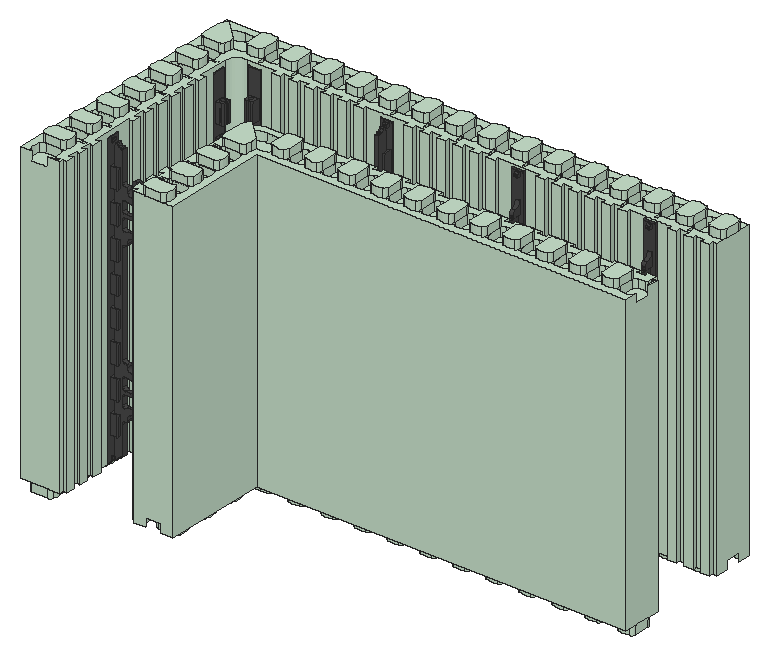
Revit family "ICF- NUDURA 4-inch- 90 Degree Form Unit- Imperial", category Generic Models, Revit 2011 (continued)
Forms (in)
  Extrusion 50, void
    sketch origin (7, -1, 0) x (-1, 0, 0) y (0, -1, 0)
      loop
        arc (-1.9334, -3.80702) -> (-1.98276, -3.88568) -> (-2, -3.97692) r 0.25
        line (-2, -3.97692) -> (-2, -4.89808)
        arc (-2, -4.89808) -> (-1.95215, -5.04517) -> (-1.82692, -5.13595) r 0.25
    from 0 to 0.5
  Extrusion 51, void
    sketch origin (9, -1, 0) x (-1, 0, 0) y (0, -1, 0)
      loop
        arc (-1.82692, -5.13595) -> (-1.5, -5.1875) -> (-1.17308, -5.13595) r 1.0625
        arc (-1.17308, -5.13595) -> (-1.04785, -5.04517) -> (-1, -4.89808) r 0.25
        line (-1, -4.89808) -> (-1, -3.97692)
        arc (-1, -3.97692) -> (-1.04785, -3.82983) -> (-1.17308, -3.73905) r 0.25
        arc (-1.17308, -3.73905) -> (-1.42092, -3.69045) -> (-1.67323, -3.70172) r 1.0625
        arc (-1.67323, -3.70172) -> (-1.72385, -3.68771) -> (-1.74592, -3.64005) r 0.0625
        line (-1.74592, -3.64005) -> (-1.74592, -3.41845) -> (-1.91675, -3.41845) -> (-1.91675, -3.76455)
        arc (-1.91675, -3.76455) -> (-1.92106, -3.78736) -> (-1.9334, -3.80702) r 0.0625
        arc (-1.9334, -3.80702) -> (-1.98276, -3.88568) -> (-2, -3.97692) r 0.25
        line (-2, -3.97692) -> (-2, -4.89808)
        arc (-2, -4.89808) -> (-1.95215, -5.04517) -> (-1.82692, -5.13595) r 0.25
    from 0 to 0.5
  Extrusion 52, void
    sketch origin (11, -1, 0) x (-1, 0, 0) y (0, -1, 0)
      loop
        arc (-1.82692, -5.13595) -> (-1.5, -5.1875) -> (-1.17308, -5.13595) r 1.0625
        arc (-1.17308, -5.13595) -> (-1.04785, -5.04517) -> (-1, -4.89808) r 0.25
        line (-1, -4.89808) -> (-1, -3.97692)
        arc (-1, -3.97692) -> (-1.04785, -3.82983) -> (-1.17308, -3.73905) r 0.25
        arc (-1.17308, -3.73905) -> (-1.42092, -3.69045) -> (-1.67323, -3.70172) r 1.0625
        arc (-1.67323, -3.70172) -> (-1.72385, -3.68771) -> (-1.74592, -3.64005) r 0.0625
        line (-1.74592, -3.64005) -> (-1.74592, -3.41845) -> (-1.91675, -3.41845) -> (-1.91675, -3.76455)
        arc (-1.91675, -3.76455) -> (-1.92106, -3.78736) -> (-1.9334, -3.80702) r 0.0625
        arc (-1.9334, -3.80702) -> (-1.98276, -3.88568) -> (-2, -3.97692) r 0.25
        line (-2, -3.97692) -> (-2, -4.89808)
        arc (-2, -4.89808) -> (-1.95215, -5.04517) -> (-1.82692, -5.13595) r 0.25
    from 0 to 0.5
  Extrusion 53, void
    sketch origin (13, -1, 0) x (-1, 0, 0) y (0, -1, 0)
      loop
        arc (-1.82692, -5.13595) -> (-1.5, -5.1875) -> (-1.17308, -5.13595) r 1.0625
        arc (-1.17308, -5.13595) -> (-1.04785, -5.04517) -> (-1, -4.89808) r 0.25
        line (-1, -4.89808) -> (-1, -3.97692)
        arc (-1, -3.97692) -> (-1.04785, -3.82983) -> (-1.17308, -3.73905) r 0.25
        arc (-1.17308, -3.73905) -> (-1.42092, -3.69045) -> (-1.67323, -3.70172) r 1.0625
        arc (-1.67323, -3.70172) -> (-1.72385, -3.68771) -> (-1.74592, -3.64005) r 0.0625
        line (-1.74592, -3.64005) -> (-1.74592, -3.41845) -> (-1.91675, -3.41845) -> (-1.91675, -3.76455)
        arc (-1.91675, -3.76455) -> (-1.92106, -3.78736) -> (-1.9334, -3.80702) r 0.0625
        arc (-1.9334, -3.80702) -> (-1.98276, -3.88568) -> (-2, -3.97692) r 0.25
        line (-2, -3.97692) -> (-2, -4.89808)
        arc (-2, -4.89808) -> (-1.95215, -5.04517) -> (-1.82692, -5.13595) r 0.25
    from 0 to 0.5
  Extrusion 54, void
    sketch origin (15, -1, 0) x (-1, 0, 0) y (0, -1, 0)
      loop
        arc (-1.82692, -5.13595) -> (-1.5, -5.1875) -> (-1.17308, -5.13595) r 1.0625
        arc (-1.17308, -5.13595) -> (-1.04785, -5.04517) -> (-1, -4.89808) r 0.25
        line (-1, -4.89808) -> (-1, -3.97692)
        arc (-1, -3.97692) -> (-1.04785, -3.82983) -> (-1.17308, -3.73905) r 0.25
        arc (-1.17308, -3.73905) -> (-1.42092, -3.69045) -> (-1.67323, -3.70172) r 1.0625
        arc (-1.67323, -3.70172) -> (-1.72385, -3.68771) -> (-1.74592, -3.64005) r 0.0625
        line (-1.74592, -3.64005) -> (-1.74592, -3.41845) -> (-1.91675, -3.41845) -> (-1.91675, -3.76455)
        arc (-1.91675, -3.76455) -> (-1.92106, -3.78736) -> (-1.9334, -3.80702) r 0.0625
        arc (-1.9334, -3.80702) -> (-1.98276, -3.88568) -> (-2, -3.97692) r 0.25
        line (-2, -3.97692) -> (-2, -4.89808)
        arc (-2, -4.89808) -> (-1.95215, -5.04517) -> (-1.82692, -5.13595) r 0.25
    from 0 to 0.5
  Extrusion 55, void
    sketch origin (17, -1, 0) x (-1, 0, 0) y (0, -1, 0)
      loop
        arc (-1.82692, -5.13595) -> (-1.5, -5.1875) -> (-1.17308, -5.13595) r 1.0625
        arc (-1.17308, -5.13595) -> (-1.04785, -5.04517) -> (-1, -4.89808) r 0.25
        line (-1, -4.89808) -> (-1, -3.97692)
        arc (-1, -3.97692) -> (-1.04785, -3.82983) -> (-1.17308, -3.73905) r 0.25
        arc (-1.17308, -3.73905) -> (-1.42092, -3.69045) -> (-1.67323, -3.70172) r 1.0625
        arc (-1.67323, -3.70172) -> (-1.72385, -3.68771) -> (-1.74592, -3.64005) r 0.0625
        line (-1.74592, -3.64005) -> (-1.74592, -3.41845) -> (-1.91675, -3.41845) -> (-1.91675, -3.76455)
        arc (-1.91675, -3.76455) -> (-1.92106, -3.78736) -> (-1.9334, -3.80702) r 0.0625
        arc (-1.9334, -3.80702) -> (-1.98276, -3.88568) -> (-2, -3.97692) r 0.25
        line (-2, -3.97692) -> (-2, -4.89808)
        arc (-2, -4.89808) -> (-1.95215, -5.04517) -> (-1.82692, -5.13595) r 0.25
    from 0 to 0.5
  Extrusion 56, void
    sketch origin (19, -1, 0) x (-1, 0, 0) y (0, -1, 0)
      loop
        arc (-1.82692, -5.13595) -> (-1.5, -5.1875) -> (-1.17308, -5.13595) r 1.0625
        arc (-1.17308, -5.13595) -> (-1.04785, -5.04517) -> (-1, -4.89808) r 0.25
        line (-1, -4.89808) -> (-1, -3.97692)
        arc (-1, -3.97692) -> (-1.04785, -3.82983) -> (-1.17308, -3.73905) r 0.25
        arc (-1.17308, -3.73905) -> (-1.42092, -3.69045) -> (-1.67323, -3.70172) r 1.0625
        arc (-1.67323, -3.70172) -> (-1.72385, -3.68771) -> (-1.74592, -3.64005) r 0.0625
        line (-1.74592, -3.64005) -> (-1.74592, -3.41845) -> (-1.91675, -3.41845) -> (-1.91675, -3.76455)
        arc (-1.91675, -3.76455) -> (-1.92106, -3.78736) -> (-1.9334, -3.80702) r 0.0625
        arc (-1.9334, -3.80702) -> (-1.98276, -3.88568) -> (-2, -3.97692) r 0.25
        line (-2, -3.97692) -> (-2, -4.89808)
        arc (-2, -4.89808) -> (-1.95215, -5.04517) -> (-1.82692, -5.13595) r 0.25
    from 0 to 0.5
  Extrusion 57, void
    sketch origin (21, -1, 0) x (-1, 0, 0) y (0, -1, 0)
      loop
        arc (-1.82692, -5.13595) -> (-1.5, -5.1875) -> (-1.17308, -5.13595) r 1.0625
        arc (-1.17308, -5.13595) -> (-1.04785, -5.04517) -> (-1, -4.89808) r 0.25
        line (-1, -4.89808) -> (-1, -3.97692)
        arc (-1, -3.97692) -> (-1.04785, -3.82983) -> (-1.17308, -3.73905) r 0.25
        arc (-1.17308, -3.73905) -> (-1.42092, -3.69045) -> (-1.67323, -3.70172) r 1.0625
        arc (-1.67323, -3.70172) -> (-1.72385, -3.68771) -> (-1.74592, -3.64005) r 0.0625
        line (-1.74592, -3.64005) -> (-1.74592, -3.41845) -> (-1.91675, -3.41845) -> (-1.91675, -3.76455)
        arc (-1.91675, -3.76455) -> (-1.92106, -3.78736) -> (-1.9334, -3.80702) r 0.0625
        arc (-1.9334, -3.80702) -> (-1.98276, -3.88568) -> (-2, -3.97692) r 0.25
        line (-2, -3.97692) -> (-2, -4.89808)
        arc (-2, -4.89808) -> (-1.95215, -5.04517) -> (-1.82692, -5.13595) r 0.25
    from 0 to 0.5
  Extrusion 58, void
    sketch origin (23, -1, 0) x (-1, 0, 0) y (0, -1, 0)
      loop
        arc (-1.82692, -5.13595) -> (-1.5, -5.1875) -> (-1.17308, -5.13595) r 1.0625
        arc (-1.17308, -5.13595) -> (-1.04785, -5.04517) -> (-1, -4.89808) r 0.25
        line (-1, -4.89808) -> (-1, -3.97692)
        arc (-1, -3.97692) -> (-1.04785, -3.82983) -> (-1.17308, -3.73905) r 0.25
        arc (-1.17308, -3.73905) -> (-1.42092, -3.69045) -> (-1.67323, -3.70172) r 1.0625
        arc (-1.67323, -3.70172) -> (-1.72385, -3.68771) -> (-1.74592, -3.64005) r 0.0625
        line (-1.74592, -3.64005) -> (-1.74592, -3.41845) -> (-1.91675, -3.41845) -> (-1.91675, -3.76455)
        arc (-1.91675, -3.76455) -> (-1.92106, -3.78736) -> (-1.9334, -3.80702) r 0.0625
        arc (-1.9334, -3.80702) -> (-1.98276, -3.88568) -> (-2, -3.97692) r 0.25
        line (-2, -3.97692) -> (-2, -4.89808)
        arc (-2, -4.89808) -> (-1.95215, -5.04517) -> (-1.82692, -5.13595) r 0.25
    from 0 to 0.5
  Extrusion 59, void
    sketch origin (25, -1, 0) x (-1, 0, 0) y (0, -1, 0)
      loop
        arc (-1.82692, -5.13595) -> (-1.5, -5.1875) -> (-1.17308, -5.13595) r 1.0625
        arc (-1.17308, -5.13595) -> (-1.04785, -5.04517) -> (-1, -4.89808) r 0.25
        line (-1, -4.89808) -> (-1, -3.97692)
        arc (-1, -3.97692) -> (-1.04785, -3.82983) -> (-1.17308, -3.73905) r 0.25
        arc (-1.17308, -3.73905) -> (-1.42092, -3.69045) -> (-1.67323, -3.70172) r 1.0625
        arc (-1.67323, -3.70172) -> (-1.72385, -3.68771) -> (-1.74592, -3.64005) r 0.0625
        line (-1.74592, -3.64005) -> (-1.74592, -3.41845) -> (-1.91675, -3.41845) -> (-1.91675, -3.76455)
        arc (-1.91675, -3.76455) -> (-1.92106, -3.78736) -> (-1.9334, -3.80702) r 0.0625
        arc (-1.9334, -3.80702) -> (-1.98276, -3.88568) -> (-2, -3.97692) r 0.25
        line (-2, -3.97692) -> (-2, -4.89808)
        arc (-2, -4.89808) -> (-1.95215, -5.04517) -> (-1.82692, -5.13595) r 0.25
    from 0 to 0.5
  Extrusion 60, void
    sketch origin (-1, -17, 0) x (1, 0, 0) y (0, 1, 0)
      loop
        arc (3.97692, 9) -> (3.82983, 8.95215) -> (3.73905, 8.82692) r 0.25
        arc (3.73905, 8.82692) -> (3.69045, 8.57908) -> (3.70172, 8.32677) r 1.0625
        arc (3.70172, 8.32677) -> (3.68771, 8.27615) -> (3.64005, 8.25408) r 0.0625
        line (3.64005, 8.25408) -> (3.41845, 8.25408) -> (3.41845, 8.08325) -> (3.76455, 8.08325)
        arc (3.76455, 8.08325) -> (3.78736, 8.07894) -> (3.80702, 8.0666) r 0.0625
        arc (3.80702, 8.0666) -> (3.88568, 8.01724) -> (3.97692, 8) r 0.25
        line (3.97692, 8) -> (4.89808, 8)
        arc (4.89808, 8) -> (5.04517, 8.04785) -> (5.13595, 8.17308) r 0.25
        arc (5.13595, 8.17308) -> (5.1875, 8.5) -> (5.13595, 8.82692) r 1.0625
        arc (5.13595, 8.82692) -> (5.04517, 8.95215) -> (4.89808, 9) r 0.25
        line (4.89808, 9) -> (3.97692, 9)
    from 0 to 0.5
  Extrusion 61, void
    sketch origin (-1, -15, 0) x (1, 0, 0) y (0, 1, 0)
      loop
        arc (3.97692, 9) -> (3.82983, 8.95215) -> (3.73905, 8.82692) r 0.25
        arc (3.73905, 8.82692) -> (3.69045, 8.57908) -> (3.70172, 8.32677) r 1.0625
        arc (3.70172, 8.32677) -> (3.68771, 8.27615) -> (3.64005, 8.25408) r 0.0625
        line (3.64005, 8.25408) -> (3.41845, 8.25408) -> (3.41845, 8.08325) -> (3.76455, 8.08325)
        arc (3.76455, 8.08325) -> (3.78736, 8.07894) -> (3.80702, 8.0666) r 0.0625
        arc (3.80702, 8.0666) -> (3.88568, 8.01724) -> (3.97692, 8) r 0.25
        line (3.97692, 8) -> (4.89808, 8)
        arc (4.89808, 8) -> (5.04517, 8.04785) -> (5.13595, 8.17308) r 0.25
        arc (5.13595, 8.17308) -> (5.1875, 8.5) -> (5.13595, 8.82692) r 1.0625
        arc (5.13595, 8.82692) -> (5.04517, 8.95215) -> (4.89808, 9) r 0.25
        line (4.89808, 9) -> (3.97692, 9)
    from 0 to 0.5
  Extrusion 62, void
    sketch origin (-1, 1, 0) x (0, -1, 0) y (1, 0, 0)
      loop
        line (4.6875, 3.6875) -> (5.5, 3.6875)
        arc (5.5, 3.6875) -> (5.58691, 3.69106) -> (5.67323, 3.70172) r 1.0625
        arc (5.67323, 3.70172) -> (5.72385, 3.68771) -> (5.74592, 3.64005) r 0.0625
        line (5.74592, 3.64005) -> (5.74592, 3.41845) -> (5.91675, 3.41845) -> (5.91675, 3.76455)
        arc (5.91675, 3.76455) -> (5.92106, 3.78736) -> (5.9334, 3.80702) r 0.0625
        arc (5.9334, 3.80702) -> (5.98276, 3.88568) -> (6, 3.97692) r 0.25
        line (6, 3.97692) -> (6, 4.89808)
        arc (6, 4.89808) -> (5.95215, 5.04517) -> (5.82692, 5.13595) r 0.25
        arc (5.82692, 5.13595) -> (5.66548, 5.17453) -> (5.5, 5.1875) r 1.0625
        line (5.5, 5.1875) -> (5.1875, 5.1875) -> (3.98039, 3.98039)
        arc (3.98039, 3.98039) -> (4.30482, 3.76362) -> (4.6875, 3.6875) r 1
    from 0 to 0.5
  Extrusion 63, void
    sketch origin (13, 1, 0) x (-1, 0, 0) y (0, -1, 0)
      loop
        arc (7, 3.97692) -> (7.04785, 3.82983) -> (7.17308, 3.73905) r 0.25
        arc (7.17308, 3.73905) -> (7.42092, 3.69045) -> (7.67323, 3.70172) r 1.0625
        arc (7.67323, 3.70172) -> (7.72385, 3.68771) -> (7.74592, 3.64005) r 0.0625
        line (7.74592, 3.64005) -> (7.74592, 3.41845) -> (7.91675, 3.41845) -> (7.91675, 3.76455)
        arc (7.91675, 3.76455) -> (7.92106, 3.78736) -> (7.9334, 3.80702) r 0.0625
        arc (7.9334, 3.80702) -> (7.98276, 3.88568) -> (8, 3.97692) r 0.25
        line (8, 3.97692) -> (8, 4.89808)
        arc (8, 4.89808) -> (7.95215, 5.04517) -> (7.82692, 5.13595) r 0.25
        arc (7.82692, 5.13595) -> (7.5, 5.1875) -> (7.17308, 5.13595) r 1.0625
        arc (7.17308, 5.13595) -> (7.04785, 5.04517) -> (7, 4.89808) r 0.25
        line (7, 4.89808) -> (7, 3.97692)
    from 0 to 0.5
  Extrusion 64, void
    sketch origin (15, 1, 0) x (-1, 0, 0) y (0, -1, 0)
      loop
        arc (7, 3.97692) -> (7.04785, 3.82983) -> (7.17308, 3.73905) r 0.25
        arc (7.17308, 3.73905) -> (7.42092, 3.69045) -> (7.67323, 3.70172) r 1.0625
        arc (7.67323, 3.70172) -> (7.72385, 3.68771) -> (7.74592, 3.64005) r 0.0625
        line (7.74592, 3.64005) -> (7.74592, 3.41845) -> (7.91675, 3.41845) -> (7.91675, 3.76455)
        arc (7.91675, 3.76455) -> (7.92106, 3.78736) -> (7.9334, 3.80702) r 0.0625
        arc (7.9334, 3.80702) -> (7.98276, 3.88568) -> (8, 3.97692) r 0.25
        line (8, 3.97692) -> (8, 4.89808)
        arc (8, 4.89808) -> (7.95215, 5.04517) -> (7.82692, 5.13595) r 0.25
        arc (7.82692, 5.13595) -> (7.5, 5.1875) -> (7.17308, 5.13595) r 1.0625
        arc (7.17308, 5.13595) -> (7.04785, 5.04517) -> (7, 4.89808) r 0.25
        line (7, 4.89808) -> (7, 3.97692)
    from 0 to 0.5
  Extrusion 65, void
    sketch origin (17, 1, 0) x (-1, 0, 0) y (0, -1, 0)
      loop
        arc (7, 3.97692) -> (7.04785, 3.82983) -> (7.17308, 3.73905) r 0.25
        arc (7.17308, 3.73905) -> (7.42092, 3.69045) -> (7.67323, 3.70172) r 1.0625
        arc (7.67323, 3.70172) -> (7.72385, 3.68771) -> (7.74592, 3.64005) r 0.0625
        line (7.74592, 3.64005) -> (7.74592, 3.41845) -> (7.91675, 3.41845) -> (7.91675, 3.76455)
        arc (7.91675, 3.76455) -> (7.92106, 3.78736) -> (7.9334, 3.80702) r 0.0625
        arc (7.9334, 3.80702) -> (7.98276, 3.88568) -> (8, 3.97692) r 0.25
        line (8, 3.97692) -> (8, 4.89808)
        arc (8, 4.89808) -> (7.95215, 5.04517) -> (7.82692, 5.13595) r 0.25
        arc (7.82692, 5.13595) -> (7.5, 5.1875) -> (7.17308, 5.13595) r 1.0625
        arc (7.17308, 5.13595) -> (7.04785, 5.04517) -> (7, 4.89808) r 0.25
        line (7, 4.89808) -> (7, 3.97692)
    from 0 to 0.5
  Extrusion 66, void
    sketch origin (19, 1, 0) x (-1, 0, 0) y (0, -1, 0)
      loop
        arc (7, 3.97692) -> (7.04785, 3.82983) -> (7.17308, 3.73905) r 0.25
        arc (7.17308, 3.73905) -> (7.42092, 3.69045) -> (7.67323, 3.70172) r 1.0625
        arc (7.67323, 3.70172) -> (7.72385, 3.68771) -> (7.74592, 3.64005) r 0.0625
        line (7.74592, 3.64005) -> (7.74592, 3.41845) -> (7.91675, 3.41845) -> (7.91675, 3.76455)
        arc (7.91675, 3.76455) -> (7.92106, 3.78736) -> (7.9334, 3.80702) r 0.0625
        arc (7.9334, 3.80702) -> (7.98276, 3.88568) -> (8, 3.97692) r 0.25
        line (8, 3.97692) -> (8, 4.89808)
        arc (8, 4.89808) -> (7.95215, 5.04517) -> (7.82692, 5.13595) r 0.25
        arc (7.82692, 5.13595) -> (7.5, 5.1875) -> (7.17308, 5.13595) r 1.0625
        arc (7.17308, 5.13595) -> (7.04785, 5.04517) -> (7, 4.89808) r 0.25
        line (7, 4.89808) -> (7, 3.97692)
    from 0 to 0.5
  Extrusion 67, void
    sketch origin (21, 1, 0) x (-1, 0, 0) y (0, -1, 0)
      loop
        arc (7, 3.97692) -> (7.04785, 3.82983) -> (7.17308, 3.73905) r 0.25
        arc (7.17308, 3.73905) -> (7.42092, 3.69045) -> (7.67323, 3.70172) r 1.0625
        arc (7.67323, 3.70172) -> (7.72385, 3.68771) -> (7.74592, 3.64005) r 0.0625
        line (7.74592, 3.64005) -> (7.74592, 3.41845) -> (7.91675, 3.41845) -> (7.91675, 3.76455)
        arc (7.91675, 3.76455) -> (7.92106, 3.78736) -> (7.9334, 3.80702) r 0.0625
        arc (7.9334, 3.80702) -> (7.98276, 3.88568) -> (8, 3.97692) r 0.25
        line (8, 3.97692) -> (8, 4.89808)
        arc (8, 4.89808) -> (7.95215, 5.04517) -> (7.82692, 5.13595) r 0.25
        arc (7.82692, 5.13595) -> (7.5, 5.1875) -> (7.17308, 5.13595) r 1.0625
        arc (7.17308, 5.13595) -> (7.04785, 5.04517) -> (7, 4.89808) r 0.25
        line (7, 4.89808) -> (7, 3.97692)
    from 0 to 0.5
  Extrusion 68, void
    sketch origin (23, 1, 0) x (-1, 0, 0) y (0, -1, 0)
      loop
        arc (7, 3.97692) -> (7.04785, 3.82983) -> (7.17308, 3.73905) r 0.25
        arc (7.17308, 3.73905) -> (7.42092, 3.69045) -> (7.67323, 3.70172) r 1.0625
        arc (7.67323, 3.70172) -> (7.72385, 3.68771) -> (7.74592, 3.64005) r 0.0625
        line (7.74592, 3.64005) -> (7.74592, 3.41845) -> (7.91675, 3.41845) -> (7.91675, 3.76455)
        arc (7.91675, 3.76455) -> (7.92106, 3.78736) -> (7.9334, 3.80702) r 0.0625
        arc (7.9334, 3.80702) -> (7.98276, 3.88568) -> (8, 3.97692) r 0.25
        line (8, 3.97692) -> (8, 4.89808)
        arc (8, 4.89808) -> (7.95215, 5.04517) -> (7.82692, 5.13595) r 0.25
        arc (7.82692, 5.13595) -> (7.5, 5.1875) -> (7.17308, 5.13595) r 1.0625
        arc (7.17308, 5.13595) -> (7.04785, 5.04517) -> (7, 4.89808) r 0.25
        line (7, 4.89808) -> (7, 3.97692)
    from 0 to 0.5
  Extrusion 69, void
    sketch origin (25, 1, 0) x (-1, 0, 0) y (0, -1, 0)
      loop
        arc (7, 3.97692) -> (7.04785, 3.82983) -> (7.17308, 3.73905) r 0.25
        arc (7.17308, 3.73905) -> (7.42092, 3.69045) -> (7.67323, 3.70172) r 1.0625
        arc (7.67323, 3.70172) -> (7.72385, 3.68771) -> (7.74592, 3.64005) r 0.0625
        line (7.74592, 3.64005) -> (7.74592, 3.41845) -> (7.91675, 3.41845) -> (7.91675, 3.76455)
        arc (7.91675, 3.76455) -> (7.92106, 3.78736) -> (7.9334, 3.80702) r 0.0625
        arc (7.9334, 3.80702) -> (7.98276, 3.88568) -> (8, 3.97692) r 0.25
        line (8, 3.97692) -> (8, 4.89808)
        arc (8, 4.89808) -> (7.95215, 5.04517) -> (7.82692, 5.13595) r 0.25
        arc (7.82692, 5.13595) -> (7.5, 5.1875) -> (7.17308, 5.13595) r 1.0625
        arc (7.17308, 5.13595) -> (7.04785, 5.04517) -> (7, 4.89808) r 0.25
        line (7, 4.89808) -> (7, 3.97692)
    from 0 to 0.5
  Extrusion 70, void
    sketch origin (27, 1, 0) x (-1, 0, 0) y (0, -1, 0)
      loop
        arc (7, 3.97692) -> (7.04785, 3.82983) -> (7.17308, 3.73905) r 0.25
        arc (7.17308, 3.73905) -> (7.42092, 3.69045) -> (7.67323, 3.70172) r 1.0625
        arc (7.67323, 3.70172) -> (7.72385, 3.68771) -> (7.74592, 3.64005) r 0.0625
        line (7.74592, 3.64005) -> (7.74592, 3.41845) -> (7.91675, 3.41845) -> (7.91675, 3.76455)
        arc (7.91675, 3.76455) -> (7.92106, 3.78736) -> (7.9334, 3.80702) r 0.0625
        arc (7.9334, 3.80702) -> (7.98276, 3.88568) -> (8, 3.97692) r 0.25
        line (8, 3.97692) -> (8, 4.89808)
        arc (8, 4.89808) -> (7.95215, 5.04517) -> (7.82692, 5.13595) r 0.25
        arc (7.82692, 5.13595) -> (7.5, 5.1875) -> (7.17308, 5.13595) r 1.0625
        arc (7.17308, 5.13595) -> (7.04785, 5.04517) -> (7, 4.89808) r 0.25
        line (7, 4.89808) -> (7, 3.97692)
    from 0 to 0.5
  Extrusion 71, void
    sketch origin (29, 1, 0) x (-1, 0, 0) y (0, -1, 0)
      loop
        arc (7, 3.97692) -> (7.04785, 3.82983) -> (7.17308, 3.73905) r 0.25
        arc (7.17308, 3.73905) -> (7.42092, 3.69045) -> (7.67323, 3.70172) r 1.0625
        arc (7.67323, 3.70172) -> (7.72385, 3.68771) -> (7.74592, 3.64005) r 0.0625
        line (7.74592, 3.64005) -> (7.74592, 3.41845) -> (7.91675, 3.41845) -> (7.91675, 3.76455)
        arc (7.91675, 3.76455) -> (7.92106, 3.78736) -> (7.9334, 3.80702) r 0.0625
        arc (7.9334, 3.80702) -> (7.98276, 3.88568) -> (8, 3.97692) r 0.25
        line (8, 3.97692) -> (8, 4.89808)
        arc (8, 4.89808) -> (7.95215, 5.04517) -> (7.82692, 5.13595) r 0.25
        arc (7.82692, 5.13595) -> (7.5, 5.1875) -> (7.17308, 5.13595) r 1.0625
        arc (7.17308, 5.13595) -> (7.04785, 5.04517) -> (7, 4.89808) r 0.25
        line (7, 4.89808) -> (7, 3.97692)
    from 0 to 0.5
  Extrusion 72, void
    sketch origin (31, 1, 0) x (-1, 0, 0) y (0, -1, 0)
      loop
        arc (7, 3.97692) -> (7.04785, 3.82983) -> (7.17308, 3.73905) r 0.25
        arc (7.17308, 3.73905) -> (7.42092, 3.69045) -> (7.67323, 3.70172) r 1.0625
        arc (7.67323, 3.70172) -> (7.72385, 3.68771) -> (7.74592, 3.64005) r 0.0625
        line (7.74592, 3.64005) -> (7.74592, 3.41845) -> (7.91675, 3.41845) -> (7.91675, 3.76455)
        arc (7.91675, 3.76455) -> (7.92106, 3.78736) -> (7.9334, 3.80702) r 0.0625
        arc (7.9334, 3.80702) -> (7.98276, 3.88568) -> (8, 3.97692) r 0.25
        line (8, 3.97692) -> (8, 4.89808)
        arc (8, 4.89808) -> (7.95215, 5.04517) -> (7.82692, 5.13595) r 0.25
        arc (7.82692, 5.13595) -> (7.5, 5.1875) -> (7.17308, 5.13595) r 1.0625
        arc (7.17308, 5.13595) -> (7.04785, 5.04517) -> (7, 4.89808) r 0.25
        line (7, 4.89808) -> (7, 3.97692)
    from 0 to 0.5
  Extrusion 73, void
    sketch origin (1, -1, 0) x (1, 0, 0) y (0, 1, 0)
      loop
        line (-3.6875, 3.6875) -> (-4.89461, 4.89461)
        arc (-4.89461, 4.89461) -> (-5.11138, 4.57018) -> (-5.1875, 4.1875) r 1
        line (-5.1875, 4.1875) -> (-5.1875, 3.5)
        arc (-5.1875, 3.5) -> (-5.17453, 3.33452) -> (-5.13595, 3.17308) r 1.0625
        arc (-5.13595, 3.17308) -> (-5.04517, 3.04785) -> (-4.89808, 3) r 0.25
        line (-4.89808, 3) -> (-3.97692, 3)
        arc (-3.97692, 3) -> (-3.82983, 3.04785) -> (-3.73905, 3.17308) r 0.25
        arc (-3.73905, 3.17308) -> (-3.70047, 3.33452) -> (-3.6875, 3.5) r 1.0625
        line (-3.6875, 3.5) -> (-3.6875, 3.6875)
    from 0 to 0.5
  Extrusion 74, solid, material "NUDURA Expanded Polystyrene Foam Insulation"
    sketch origin (-1, 1, 0) x (1, 0, 0) y (0, 1, 0)
      loop
        line (5.1875, -5.1875) -> (5.5, -5.1875)
        arc (5.5, -5.1875) -> (5.66548, -5.17453) -> (5.82692, -5.13595) r 1.0625
        arc (5.82692, -5.13595) -> (5.95215, -5.04517) -> (6, -4.89808) r 0.25
        line (6, -4.89808) -> (6, -3.97692)
        arc (6, -3.97692) -> (5.98276, -3.88568) -> (5.9334, -3.80702) r 0.25
        arc (5.9334, -3.80702) -> (5.88453, -3.7662) -> (5.82692, -3.73905) r 0.25
        arc (5.82692, -3.73905) -> (5.75077, -3.71752) -> (5.67323, -3.70172) r 1.0625
        arc (5.67323, -3.70172) -> (5.58691, -3.69106) -> (5.5, -3.6875) r 1.0625
        line (5.5, -3.6875) -> (4.6875, -3.6875)
        arc (4.6875, -3.6875) -> (4.30482, -3.76362) -> (3.98039, -3.98039) r 1
        line (3.98039, -3.98039) -> (5.1875, -5.1875)
    from 0 to -0.5
  Extrusion 75, solid, material "NUDURA Expanded Polystyrene Foam Insulation"
    sketch origin (1, -1, 0) x (1, 0, 0) y (0, 1, 0)
      loop
        arc (-4.1875, 5.1875) -> (-4.57018, 5.11138) -> (-4.89461, 4.89461) r 1
        line (-4.89461, 4.89461) -> (-3.6875, 3.6875) -> (-3.5, 3.6875)
        arc (-3.5, 3.6875) -> (-3.33452, 3.70047) -> (-3.17308, 3.73905) r 1.0625
        arc (-3.17308, 3.73905) -> (-3.04785, 3.82983) -> (-3, 3.97692) r 0.25
        line (-3, 3.97692) -> (-3, 4.89808)
        arc (-3, 4.89808) -> (-3.04785, 5.04517) -> (-3.17308, 5.13595) r 0.25
        arc (-3.17308, 5.13595) -> (-3.33452, 5.17453) -> (-3.5, 5.1875) r 1.0625
        line (-3.5, 5.1875) -> (-4.1875, 5.1875)
    from 0 to -0.5
  Extrusion 76, void
    sketch origin (19, 1, 0) x (1, 0, 0) y (0, 1, 0)
      loop
        line (7, -3.97692) -> (7, -4.89808)
        arc (7, -4.89808) -> (7.04785, -5.04517) -> (7.17308, -5.13595) r 0.25
        arc (7.17308, -5.13595) -> (7.5, -5.1875) -> (7.82692, -5.13595) r 1.0625
        arc (7.82692, -5.13595) -> (7.95215, -5.04517) -> (8, -4.89808) r 0.25
        line (8, -4.89808) -> (8, -3.97692)
        arc (8, -3.97692) -> (7.98276, -3.88568) -> (7.9334, -3.80702) r 0.25
        arc (7.9334, -3.80702) -> (7.92106, -3.78736) -> (7.91675, -3.76455) r 0.0625
        line (7.91675, -3.76455) -> (7.91675, -3.41845) -> (7.74592, -3.41845) -> (7.74592, -3.64005)
        arc (7.74592, -3.64005) -> (7.72385, -3.68771) -> (7.67323, -3.70172) r 0.0625
        arc (7.67323, -3.70172) -> (7.42092, -3.69045) -> (7.17308, -3.73905) r 1.0625
        arc (7.17308, -3.73905) -> (7.04785, -3.82983) -> (7, -3.97692) r 0.25
    from 18 to 17.5
  Extrusion 77, void
    sketch origin (33, 1, 0) x (-1, 0, 0) y (0, -1, 0)
      loop
        arc (7, 3.97692) -> (7.04785, 3.82983) -> (7.17308, 3.73905) r 0.25
        arc (7.17308, 3.73905) -> (7.42092, 3.69045) -> (7.67323, 3.70172) r 1.0625
        arc (7.67323, 3.70172) -> (7.72385, 3.68771) -> (7.74592, 3.64005) r 0.0625
        line (7.74592, 3.64005) -> (7.74592, 3.41845) -> (7.91675, 3.41845) -> (7.91675, 3.76455)
        arc (7.91675, 3.76455) -> (7.92106, 3.78736) -> (7.9334, 3.80702) r 0.0625
        arc (7.9334, 3.80702) -> (7.98276, 3.88568) -> (8, 3.97692) r 0.25
        line (8, 3.97692) -> (8, 4.89808)
        arc (8, 4.89808) -> (7.95215, 5.04517) -> (7.82692, 5.13595) r 0.25
        arc (7.82692, 5.13595) -> (7.5, 5.1875) -> (7.17308, 5.13595) r 1.0625
        arc (7.17308, 5.13595) -> (7.04785, 5.04517) -> (7, 4.89808) r 0.25
        line (7, 4.89808) -> (7, 3.97692)
    from 0 to 0.5
  Extrusion 78, void
    sketch origin (-1, -1, 0) x (1, 0, 0) y (0, 1, 0)
      loop
        line (3.97692, -9) -> (4.89808, -9)
        arc (4.89808, -9) -> (5.04517, -8.95215) -> (5.13595, -8.82692) r 0.25
        arc (5.13595, -8.82692) -> (5.1875, -8.5) -> (5.13595, -8.17308) r 1.0625
        arc (5.13595, -8.17308) -> (5.04517, -8.04785) -> (4.89808, -8) r 0.25
        line (4.89808, -8) -> (3.97692, -8)
        arc (3.97692, -8) -> (3.88568, -8.01724) -> (3.80702, -8.0666) r 0.25
        arc (3.80702, -8.0666) -> (3.78736, -8.07894) -> (3.76455, -8.08325) r 0.0625
        line (3.76455, -8.08325) -> (3.41845, -8.08325) -> (3.41845, -8.25408) -> (3.64005, -8.25408)
        arc (3.64005, -8.25408) -> (3.68771, -8.27615) -> (3.70172, -8.32677) r 0.0625
        arc (3.70172, -8.32677) -> (3.69045, -8.57908) -> (3.73905, -8.82692) r 1.0625
        arc (3.73905, -8.82692) -> (3.82983, -8.95215) -> (3.97692, -9) r 0.25
    from 18 to 17.5
  Extrusion 79, void
    sketch origin (-1, -19, 0) x (1, 0, 0) y (0, 1, 0)
      loop
        arc (3.97692, 9) -> (3.82983, 8.95215) -> (3.73905, 8.82692) r 0.25
        arc (3.73905, 8.82692) -> (3.69045, 8.57908) -> (3.70172, 8.32677) r 1.0625
        arc (3.70172, 8.32677) -> (3.68771, 8.27615) -> (3.64005, 8.25408) r 0.0625
        line (3.64005, 8.25408) -> (3.41845, 8.25408) -> (3.41845, 8.08325) -> (3.76455, 8.08325)
        arc (3.76455, 8.08325) -> (3.78736, 8.07894) -> (3.80702, 8.0666) r 0.0625
        arc (3.80702, 8.0666) -> (3.88568, 8.01724) -> (3.97692, 8) r 0.25
        line (3.97692, 8) -> (4.89808, 8)
        arc (4.89808, 8) -> (5.04517, 8.04785) -> (5.13595, 8.17308) r 0.25
        arc (5.13595, 8.17308) -> (5.1875, 8.5) -> (5.13595, 8.82692) r 1.0625
        arc (5.13595, 8.82692) -> (5.04517, 8.95215) -> (4.89808, 9) r 0.25
        line (4.89808, 9) -> (3.97692, 9)
    from 0 to 0.5
Cuts and joins
  Extrusion 4, Extrusion 5, Extrusion 6, Extrusion 7, Extrusion 8, Extrusion 9, Extrusion 10, Extrusion 11, Extrusion 12, Extrusion 13, Extrusion 14, Extrusion 15, Extrusion 16, Extrusion 17, Extrusion 18, Extrusion 19, Extrusion 20, Extrusion 21, Extrusion 22, Extrusion 23, Extrusion 24, Extrusion 25, Extrusion 26, Extrusion 27, Extrusion 28, Extrusion 29, Extrusion 30, Extrusion 31, Extrusion 32, Extrusion 33, Extrusion 34, Extrusion 35, Extrusion 36, Extrusion 37, Extrusion 38, Extrusion 39, Extrusion 40, Extrusion 41, Extrusion 42, Extrusion 43, Extrusion 44, Extrusion 45, Extrusion 46, Extrusion 47, Extrusion 48, Extrusion 49, Extrusion 50, Extrusion 51, Extrusion 52, Extrusion 53, Extrusion 54, Extrusion 55, Extrusion 56, Extrusion 57, Extrusion 58, Extrusion 59, Extrusion 60, Extrusion 61, Extrusion 62, Extrusion 63, Extrusion 64, Extrusion 65, Extrusion 66, Extrusion 67, Extrusion 68, Extrusion 69, Extrusion 70, Extrusion 71, Extrusion 72, Extrusion 73, Extrusion 76, Extrusion 77, Extrusion 78, Extrusion 79 cuts Extrusion 1
  Extrusion 10, Extrusion 13 cuts Extrusion 3
  Extrusion 14 cuts Extrusion 2
Lines and regions (in)
  model lines
    curve 1: line (18.9334, 4.625, 18) -> (18.9334, 4.625, 0)
    curve 2: line (3, 4.625, 0) -> (3, 4.625, 18)
Dimensions and locks (in)
  locked: plane 4 to plane 5 at 4
  locked: plane 7 to plane 6 at 4
  locked: level to plane 8 at 18
  aligned and locked: plane 8 to Extrusion 1
  aligned and locked: nested 73 to cut or joined group 1 (Extrusion 1, Extrusion 4, Extrusion 5, Extrusion 6, Extrusion 7, Extrusion 8, Extrusion 9, Extrusion 10, Extrusion 11, Extrusion 12, Extrusion 13, Extrusion 14, Extrusion 15, Extrusion 16, Extrusion 17, Extrusion 18, Extrusion 19, Extrusion 20, Extrusion 21, Extrusion 22, Extrusion 23, Extrusion 24, Extrusion 25, Extrusion 26, Extrusion 27, Extrusion 28, Extrusion 29, Extrusion 30, Extrusion 31, Extrusion 32, Extrusion 33, Extrusion 34, Extrusion 35, Extrusion 36, Extrusion 37, Extrusion 38, Extrusion 39, Extrusion 40, Extrusion 41, Extrusion 42, Extrusion 43, Extrusion 44, Extrusion 45, Extrusion 46, Extrusion 47, Extrusion 48, Extrusion 49, Extrusion 50, Extrusion 51, Extrusion 52, Extrusion 53, Extrusion 54, Extrusion 55, Extrusion 56, Extrusion 57, Extrusion 58, Extrusion 59, Extrusion 60, Extrusion 61, Extrusion 62, Extrusion 63, Extrusion 64, Extrusion 65, Extrusion 66, Extrusion 67, Extrusion 68, Extrusion 69, Extrusion 70, Extrusion 71, Extrusion 72, Extrusion 73, Extrusion 76, Extrusion 77, Extrusion 78, Extrusion 79)
  aligned and locked: cut or joined group 1 to nested 75
  aligned and locked: nested 81 to cut or joined group 1
  aligned and locked: nested 82 to cut or joined group 1
  aligned and locked: nested 83 to cut or joined group 1
  aligned and locked: nested 84 to nested 72
  aligned and locked: nested 85 to cut or joined group 1
  aligned and locked: nested 86 to nested 73
Nested families (in)
  nested 1: "Interlock Tooth" at (1, -9, 0) x (0, -1, 0) z (0, 0, 1), type "Interlock Tooth"
  nested 2: "Interlock Tooth" at (1, -7, 0) x (0, -1, 0) z (0, 0, 1), type "Interlock Tooth"
  nested 3: "Interlock Tooth" at (1, -5, 0) x (0, -1, 0) z (0, 0, 1), type "Interlock Tooth"
  nested 4: "Interlock Tooth" at (1, -3, 0) x (0, -1, 0) z (0, 0, 1), type "Interlock Tooth"
  nested 5: "Interlock Tooth" at (1, -1, 0) x (0, -1, 0) z (0, 0, 1), type "Interlock Tooth"
  nested 6: "Interlock Tooth" at (1, 1, 0) x (0, -1, 0) z (0, 0, 1), type "Interlock Tooth"
  nested 7: "Interlock Tooth" at (-1, -8, 0) x (0, -1, 0) z (0, 0, 1), type "Interlock Tooth"
  nested 8: "Interlock Tooth" at (-1, -6, 0) x (0, -1, 0) z (0, 0, 1), type "Interlock Tooth"
  nested 9: "Interlock Tooth" at (-1, -7, -18.5) x (0, -1, 0) z (0, 0, 1), type "Interlock Tooth"
  nested 10: "Interlock Tooth" at (-1, -5, -18.5) x (0, -1, 0) z (0, 0, 1), type "Interlock Tooth"
  nested 11: "Interlock Tooth" at (-7.875, -10, -18.5) x (0, -1, 0) z (0, 0, 1), type "Interlock Tooth"
  nested 12: "Interlock Tooth" at (-7.875, -8, -18.5) x (0, -1, 0) z (0, 0, 1), type "Interlock Tooth"
  nested 13: "Interlock Tooth" at (-7.875, -6, -18.5) x (0, -1, 0) z (0, 0, 1), type "Interlock Tooth"
  nested 14: "Interlock Tooth" at (-7.875, -4, -18.5) x (0, -1, 0) z (0, 0, 1), type "Interlock Tooth"
  nested 15: "Interlock Tooth" at (-7.875, -2, -18.5) x (0, -1, 0) z (0, 0, 1), type "Interlock Tooth"
  nested 16: "Interlock Tooth" at (-7.875, 0, -18.5) x (0, -1, 0) z (0, 0, 1), type "Interlock Tooth"
  nested 17: "Interlock Tooth" at (-7.875, 2, -18.5) x (0, -1, 0) z (0, 0, 1), type "Interlock Tooth"
  nested 18: "Interlock Tooth" at (5, 1, 0), type "Interlock Tooth"
  nested 19: "Interlock Tooth" at (7, 1, 0), type "Interlock Tooth"
  nested 20: "Interlock Tooth" at (9, 1, 0), type "Interlock Tooth"
  nested 21: "Interlock Tooth" at (11, 1, 0), type "Interlock Tooth"
  nested 22: "Interlock Tooth" at (13, 1, 0), type "Interlock Tooth"
  nested 23: "Interlock Tooth" at (15, 1, 0), type "Interlock Tooth"
  nested 24: "Interlock Tooth" at (17, 1, 0), type "Interlock Tooth"
  nested 25: "Interlock Tooth" at (19, 1, 0), type "Interlock Tooth"
  nested 26: "Interlock Tooth" at (21, 1, 0), type "Interlock Tooth"
  nested 27: "Interlock Tooth" at (23, 1, 0), type "Interlock Tooth"
  nested 28: "Interlock Tooth" at (-2, -1, 0), type "Interlock Tooth"
  nested 29: "Interlock Tooth" at (0, -1, 0), type "Interlock Tooth"
  nested 30: "Interlock Tooth" at (2, -1, 0), type "Interlock Tooth"
  nested 31: "Interlock Tooth" at (4, -1, 0), type "Interlock Tooth"
  nested 32: "Interlock Tooth" at (6, -1, 0), type "Interlock Tooth"
  nested 33: "Interlock Tooth" at (8, -1, 0), type "Interlock Tooth"
  nested 34: "Interlock Tooth" at (10, -1, 0), type "Interlock Tooth"
  nested 35: "Interlock Tooth" at (12, -1, 0), type "Interlock Tooth"
  nested 36: "Interlock Tooth" at (14, -1, 0), type "Interlock Tooth"
  nested 37: "Interlock Tooth" at (16, -1, 0), type "Interlock Tooth"
  nested 38: "Interlock Tooth" at (18, -1, 0), type "Interlock Tooth"
  nested 39: "Interlock Tooth" at (20, -1, 0), type "Interlock Tooth"
  nested 40: "Interlock Tooth" at (22, -1, 0), type "Interlock Tooth"
  nested 41: "Interlock Tooth" at (24, -1, 0), type "Interlock Tooth"
  nested 42: "Interlock Tooth" at (26, -1, 0), type "Interlock Tooth"
  nested 43: "Interlock Tooth" at (6, -7.875, -18.5), type "Interlock Tooth"
  nested 44: "Interlock Tooth" at (8, -7.875, -18.5), type "Interlock Tooth"
  nested 45: "Interlock Tooth" at (10, -7.875, -18.5), type "Interlock Tooth"
  nested 46: "Interlock Tooth" at (12, -7.875, -18.5), type "Interlock Tooth"
  nested 47: "Interlock Tooth" at (14, -7.875, -18.5), type "Interlock Tooth"
  nested 48: "Interlock Tooth" at (16, -7.875, -18.5), type "Interlock Tooth"
  nested 49: "Interlock Tooth" at (18, -7.875, -18.5), type "Interlock Tooth"
  nested 50: "Interlock Tooth" at (20, -7.875, -18.5), type "Interlock Tooth"
  nested 51: "Interlock Tooth" at (22, -7.875, -18.5), type "Interlock Tooth"
  nested 52: "Interlock Tooth" at (24, -7.875, -18.5), type "Interlock Tooth"
  nested 53: "Interlock Tooth" at (-1, -1, -18.5), type "Interlock Tooth"
  nested 54: "Interlock Tooth" at (1, -1, -18.5), type "Interlock Tooth"
  nested 55: "Interlock Tooth" at (3, -1, -18.5), type "Interlock Tooth"
  nested 56: "Interlock Tooth" at (5, -1, -18.5), type "Interlock Tooth"
  nested 57: "Interlock Tooth" at (7, -1, -18.5), type "Interlock Tooth"
  nested 58: "Interlock Tooth" at (9, -1, -18.5), type "Interlock Tooth"
  nested 59: "Interlock Tooth" at (11, -1, -18.5), type "Interlock Tooth"
  nested 60: "Interlock Tooth" at (13, -1, -18.5), type "Interlock Tooth"
  nested 61: "Interlock Tooth" at (15, -1, -18.5), type "Interlock Tooth"
  nested 62: "Interlock Tooth" at (17, -1, -18.5), type "Interlock Tooth"
  nested 63: "Interlock Tooth" at (19, -1, -18.5), type "Interlock Tooth"
  nested 64: "Interlock Tooth" at (21, -1, -18.5), type "Interlock Tooth"
  nested 65: "Interlock Tooth" at (23, -1, -18.5), type "Interlock Tooth"
  nested 66: "Interlock Tooth" at (25, -1, -18.5), type "Interlock Tooth"
  nested 67: "NUDURA Diamond Pattern" at (19, 1, 0), type "NUDURA Diamond Pattern"
  nested 68: "NUDURA Diamond Pattern" at (19, 10.25, 0), type "NUDURA Diamond Pattern"
  nested 69: "NUDURA Diamond Pattern" at (3, 10.25, 0), type "NUDURA Diamond Pattern"
  nested 70: "Capture Lug" at (-1, -1, 0) x (-1, 0, 0) z (0, 0, 1), type "Capture Lugs"
  nested 71: "Capture Lug" at (1, 1, 0) x (0, -1, 0) z (0, 0, 1), type "Capture Lugs"
  nested 72: "NUDURA Logo Diamond" at (3.00256, -4.625, 0), type "NUDURA Logo Diamond"
  nested 73: "NUDURA Logo Diamond" at (-4.625, 4.99744, 0) x (0, -1, 0) z (0, 0, 1), type "NUDURA Logo Diamond"
  nested 74: "NUDURA Logo Diamond" at (27, 4.625, 0) x (-1, 0, 0) z (0, 0, 1), type "NUDURA Logo Diamond"
  nested 75: "NUDURA Logo Diamond Missing Outside Line" at (10.99744, 4.625, 0) x (-1, 0, 0) z (0, 0, 1), type "NUDURA Logo Diamond without Outside Line"
  nested 76: "Interlock Tooth" at (25, 1, 0), type "Interlock Tooth"
  nested 77: "Interlock Tooth" at (26, -7.875, -18.5), type "Interlock Tooth"
  nested 78: "Interlock Tooth" at (-1, -10, 0) x (0, -1, 0) z (0, 0, 1), type "Interlock Tooth"
  nested 79: "Interlock Tooth" at (-1, -9, -18.5) x (0, -1, 0) z (0, 0, 1), type "Interlock Tooth"
  nested 80: "4-inch Insert Web" at (0, -7, 0) x (0, 1, 0) z (0, 0, 1), type "4-inch Insert Web"
  nested 81: "4-inch Insert Web" at (7, 0, 0) x (-1, 0, 0) z (0, 0, 1), type "4-inch Insert Web"
  nested 82: "4-inch Web" at (15, 0, 0), type "4-inch Web"
  nested 83: "4-inch Web" at (23, 0, 0), type "4-inch Web"
  nested 84: "NUDURA Diamond Pattern" at (3, 1, 0), type "NUDURA Diamond Pattern"
  nested 85: "NUDURA Diamond Pattern Missing One Line" at (-1, -11, 0) x (0, 1, 0) z (0, 0, 1), type "NUDURA Diamond Pattern minus one line"
  nested 86: "NUDURA Diamond Pattern" at (1, 5, 0) x (0, -1, 0) z (0, 0, 1), type "NUDURA Diamond Pattern"
Definition of nested family "Interlock Tooth"
  Reference planes (in)
    plane 1 "Center (Front/Back)": y = 0
    plane 2: z = 0
    plane 3 "Center (Left/Right)": x = 0
    plane 4: z = 18
    plane 5: z = 18.5
    plane 6: z = -0.5
  Forms (in)
    Extrusion 1, solid, material "NUDURA Expanded Polystyrene Foam Insulation"
      sketch origin (0, -8.875, 0) x (1, 0, 0) y (0, 1, 0)
        loop
          arc (0, 3.97692) -> (0.04785, 3.82983) -> (0.17308, 3.73905) r 0.25
          arc (0.17308, 3.73905) -> (0.5, 3.6875) -> (0.82692, 3.73905) r 1.0625
          arc (0.82692, 3.73905) -> (0.95215, 3.82983) -> (1, 3.97692) r 0.25
          line (1, 3.97692) -> (1, 4.89808)
          arc (1, 4.89808) -> (0.95215, 5.04517) -> (0.82692, 5.13595) r 0.25
          arc (0.82692, 5.13595) -> (0.5, 5.1875) -> (0.17308, 5.13595) r 1.0625
          arc (0.17308, 5.13595) -> (0.04785, 5.04517) -> (0, 4.89808) r 0.25
          line (0, 4.89808) -> (0, 3.97692)
      from 18 to 18.5
  Dimensions and locks (in)
    locked: plane 4 to level at 18
    locked: plane 4 to plane 5 at 0.5
    locked: plane 6 to level at 0.5
Definition of nested family "Capture Lug"
  Reference planes (in)
    plane 1 "Center (Front/Back)": y = 0
    plane 2: z = 0
    plane 3 "Center (Left/Right)": x = 0
  Forms (in)
    Extrusion 1, solid, material "High Density Polystyrene"
      sketch origin (0, 0, 0) x (0, 1, 0) y (0, 0, 1)
        loop
          arc (-3.25, 0) -> (-3.22112, 0.01975) -> (-3.21, 0.05292) r 0.055
          line (-3.21, 0.05292) -> (-3.21, 17.69292)
          arc (-3.21, 17.69292) -> (-3.22112, 17.72608) -> (-3.25, 17.74583) r 0.055
          line (-3.25, 17.74583) -> (-3.25, 0)
      from 0.36328 to -0.36328
    Extrusion 2, solid, material "High Density Polystyrene"
      sketch origin (0, 0, 0) x (0, 1, 0) y (0, 0, 1)
        loop
          line (-3.21, 16.17792) -> (-3.21, 14.97792) -> (-2.71, 14.97792) -> (-2.71, 16.17792) -> (-3.21, 16.17792)
        loop
          line (-3.21, 14.22792) -> (-3.21, 13.02792) -> (-2.71, 13.02792) -> (-2.71, 14.22792) -> (-3.21, 14.22792)
        loop
          line (-3.21, 12.27792) -> (-3.21, 11.07792) -> (-2.71, 11.07792) -> (-2.71, 12.27792) -> (-3.21, 12.27792)
        loop
          line (-3.21, 10.32792) -> (-3.21, 9.24792) -> (-2.71, 9.24792) -> (-2.71, 10.32792) -> (-3.21, 10.32792)
        loop
          line (-3.21, 8.49792) -> (-3.21, 7.41792) -> (-2.71, 7.41792) -> (-2.71, 8.49792) -> (-3.21, 8.49792)
        loop
          line (-3.21, 6.66792) -> (-3.21, 5.46792) -> (-2.71, 5.46792) -> (-2.71, 6.66792) -> (-3.21, 6.66792)
        loop
          line (-3.21, 4.71792) -> (-3.21, 3.51792) -> (-2.71, 3.51792) -> (-2.71, 4.71792) -> (-3.21, 4.71792)
        loop
          line (-3.21, 2.76792) -> (-3.21, 1.56792) -> (-2.71, 1.56792) -> (-2.71, 2.76792) -> (-3.21, 2.76792)
      from 0.25 to -0.25
    Extrusion 3, void
      sketch origin (0, 0, 0) x (1, 0, 0) y (0, 1, 0)
        loop
          arc (-0.25, -2.79249) -> (-0.22584, -2.73416) -> (-0.1675, -2.71) r 0.0825
          line (-0.1675, -2.71) -> (-0.25, -2.71) -> (-0.25, -2.79249)
      from 0 to 18
    Extrusion 4, void
      sketch origin (0, 0, 0) x (-1, 0, 0) y (0, -1, 0)
        loop
          line (-0.25, 2.79249) -> (-0.25, 2.71) -> (-0.1675, 2.71)
          arc (-0.1675, 2.71) -> (-0.22584, 2.73416) -> (-0.25, 2.79249) r 0.0825
      from 0 to 18
    Extrusion 5, void
      sketch origin (0, 0, 0) x (1, 0, 0) y (0, 1, 0)
        loop
          arc (-0.04687, -2.835) -> (0, -3.07587) -> (0.04688, -2.835) r 0.125
          line (0.04688, -2.835) -> (0.04688, -2.71) -> (-0.04687, -2.71) -> (-0.04687, -2.835)
      from 0 to 18
  Cuts and joins
    Extrusion 3, Extrusion 4 cuts Extrusion 1
    Extrusion 3, Extrusion 4, Extrusion 5 cuts Extrusion 2
Definition of nested family "4-inch Insert Web"
  Reference planes (in)
    plane 1 "Center (Front/Back)": y = 0
    plane 2: z = 0
    plane 3 "Center (Left/Right)": x = 0
  Forms (in)
    Extrusion 1, solid, material "High Density Polystyrene"
      sketch origin (0, 0, 0) x (0, 1, 0) y (0, 0, 1)
        loop
          line (2.25, 0) -> (2.25, 17.74583)
          arc (2.25, 17.74583) -> (2.22112, 17.72608) -> (2.21, 17.69292) r 0.055
          line (2.21, 17.69292) -> (2.21, 0.05292)
          arc (2.21, 0.05292) -> (2.22112, 0.01975) -> (2.25, 0) r 0.055
        loop
          arc (-2.25, 0) -> (-2.22112, 0.01975) -> (-2.21, 0.05292) r 0.055
          line (-2.21, 0.05292) -> (-2.21, 17.69292)
          arc (-2.21, 17.69292) -> (-2.22112, 17.72608) -> (-2.25, 17.74583) r 0.055
          line (-2.25, 17.74583) -> (-2.25, 0)
      from 0.36328 to -0.36328
    Extrusion 2, solid, material "High Density Polystyrene"
      sketch origin (0, 0, 0) x (0, 1, 0) y (0, 0, 1)
        loop
          arc (2.18889, 17.40785) -> (2.20374, 17.40241) -> (2.21, 17.38789) r 0.02
          line (2.21, 17.38789) -> (2.21, 17.63668)
          arc (2.21, 17.63668) -> (2.20585, 17.62147) -> (2.19457, 17.61045) r 0.03
          line (2.19457, 17.61045) -> (2.12543, 17.57204)
          arc (2.12543, 17.57204) -> (2.11414, 17.56103) -> (2.11, 17.54582) r 0.03
          line (2.11, 17.54582) -> (2.11, 17.42461)
          arc (2.11, 17.42461) -> (2.11625, 17.41008) -> (2.13111, 17.40464) r 0.02
          line (2.13111, 17.40464) -> (2.18889, 17.40785)
        loop
          line (2, 17.20772) -> (1.925, 17.43772)
          arc (1.925, 17.43772) -> (1.875, 17.46772) -> (1.825, 17.43772) r 0.05667
          line (1.825, 17.43772) -> (1.77609, 17.28772) -> (1.64893, 17.28772)
          arc (1.64893, 17.28772) -> (1.61433, 17.27339) -> (1.6, 17.2388) r 0.04893
          line (1.6, 17.2388) -> (1.6, 17.20772) -> (1.5, 17.20772) -> (1.5, 15.41964)
          arc (1.5, 15.41964) -> (1.44097, 15.27714) -> (1.29847, 15.21812) r 0.20153
          arc (1.29847, 15.21812) -> (1.20889, 15.19959) -> (1.18179, 15.11222) r 0.09
          arc (1.18179, 15.11222) -> (0.74446, 14.77125) -> (0.77171, 15.32512) r 0.305
          arc (0.77171, 15.32512) -> (0.89426, 15.6111) -> (0.60829, 15.73365) r 0.22
          arc (0.60829, 15.73365) -> (0.36995, 15.58023) -> (0.20617, 15.3489) r 0.745
          arc (0.20617, 15.3489) -> (0.12274, 15.25133) -> (0, 15.21369) r 0.23
          arc (0, 15.21369) -> (-0.12274, 15.25133) -> (-0.20617, 15.3489) r 0.23
          arc (-0.20617, 15.3489) -> (-0.36995, 15.58023) -> (-0.60829, 15.73365) r 0.745
          arc (-0.60829, 15.73365) -> (-0.89426, 15.6111) -> (-0.77171, 15.32512) r 0.22
          arc (-0.77171, 15.32512) -> (-0.74446, 14.77125) -> (-1.18179, 15.11222) r 0.305
          arc (-1.18179, 15.11222) -> (-1.20889, 15.19959) -> (-1.29847, 15.21812) r 0.09
          arc (-1.29847, 15.21812) -> (-1.44097, 15.27714) -> (-1.5, 15.41964) r 0.20153
          line (-1.5, 15.41964) -> (-1.5, 17.20772) -> (-1.6, 17.20772) -> (-1.6, 17.2388)
          arc (-1.6, 17.2388) -> (-1.61433, 17.27339) -> (-1.64893, 17.28772) r 0.04893
          line (-1.64893, 17.28772) -> (-1.77609, 17.28772) -> (-1.825, 17.43772)
          arc (-1.825, 17.43772) -> (-1.875, 17.46772) -> (-1.925, 17.43772) r 0.05667
          line (-1.925, 17.43772) -> (-2, 17.20772) -> (-2, 0.53811) -> (-1.925, 0.30811)
          arc (-1.925, 0.30811) -> (-1.875, 0.27811) -> (-1.825, 0.30811) r 0.05667
          line (-1.825, 0.30811) -> (-1.77609, 0.45811) -> (-1.64893, 0.45811)
          arc (-1.64893, 0.45811) -> (-1.61433, 0.47244) -> (-1.6, 0.50703) r 0.04893
          line (-1.6, 0.50703) -> (-1.6, 0.53811) -> (-1.5, 0.53811) -> (-1.5, 2.32619)
          arc (-1.5, 2.32619) -> (-1.44097, 2.46869) -> (-1.29847, 2.52772) r 0.20153
          arc (-1.29847, 2.52772) -> (-1.20889, 2.54624) -> (-1.18179, 2.63362) r 0.09
          arc (-1.18179, 2.63362) -> (-0.74446, 2.97458) -> (-0.77171, 2.42071) r 0.305
          arc (-0.77171, 2.42071) -> (-0.89426, 2.13473) -> (-0.60829, 2.01218) r 0.22
          arc (-0.60829, 2.01218) -> (-0.36995, 2.1656) -> (-0.20617, 2.39693) r 0.745
          arc (-0.20617, 2.39693) -> (-0.12274, 2.4945) -> (0, 2.53215) r 0.23
          arc (0, 2.53215) -> (0.12274, 2.4945) -> (0.20617, 2.39693) r 0.23
          arc (0.20617, 2.39693) -> (0.36995, 2.1656) -> (0.60829, 2.01218) r 0.745
          arc (0.60829, 2.01218) -> (0.89426, 2.13473) -> (0.77171, 2.42071) r 0.22
          arc (0.77171, 2.42071) -> (0.74446, 2.97458) -> (1.18179, 2.63362) r 0.305
          arc (1.18179, 2.63362) -> (1.20889, 2.54624) -> (1.29847, 2.52772) r 0.09
          arc (1.29847, 2.52772) -> (1.44097, 2.46869) -> (1.5, 2.32619) r 0.20153
          line (1.5, 2.32619) -> (1.5, 0.53811) -> (1.6, 0.53811) -> (1.6, 0.50703)
          arc (1.6, 0.50703) -> (1.61433, 0.47244) -> (1.64893, 0.45811) r 0.04893
          line (1.64893, 0.45811) -> (1.77609, 0.45811) -> (1.825, 0.30811)
          arc (1.825, 0.30811) -> (1.875, 0.27811) -> (1.925, 0.30811) r 0.05667
          line (1.925, 0.30811) -> (2, 0.53811) -> (2, 17.20772)
        loop
          line (1.5, 5.8331) -> (1.5, 11.91273)
          arc (1.5, 11.91273) -> (1.44097, 12.05523) -> (1.29847, 12.11426) r 0.20153
          arc (1.29847, 12.11426) -> (1.20889, 12.13278) -> (1.18179, 12.22016) r 0.09
          arc (1.18179, 12.22016) -> (0.74446, 12.56112) -> (0.77171, 12.00725) r 0.305
          arc (0.77171, 12.00725) -> (0.89426, 11.72127) -> (0.60829, 11.59873) r 0.22
          arc (0.60829, 11.59873) -> (0.36995, 11.75214) -> (0.20617, 11.98348) r 0.745
          arc (0.20617, 11.98348) -> (0.12274, 12.08104) -> (0, 12.11869) r 0.23
          arc (0, 12.11869) -> (-0.12274, 12.08104) -> (-0.20617, 11.98348) r 0.23
          arc (-0.20617, 11.98348) -> (-0.36995, 11.75214) -> (-0.60829, 11.59873) r 0.745
          arc (-0.60829, 11.59873) -> (-0.89426, 11.72127) -> (-0.77171, 12.00725) r 0.22
          arc (-0.77171, 12.00725) -> (-0.74446, 12.56112) -> (-1.18179, 12.22016) r 0.305
          arc (-1.18179, 12.22016) -> (-1.20889, 12.13278) -> (-1.29847, 12.11426) r 0.09
          arc (-1.29847, 12.11426) -> (-1.44097, 12.05523) -> (-1.5, 11.91273) r 0.20153
          line (-1.5, 11.91273) -> (-1.5, 5.8331)
          arc (-1.5, 5.8331) -> (-1.44097, 5.6906) -> (-1.29847, 5.63158) r 0.20153
          arc (-1.29847, 5.63158) -> (-1.20889, 5.61305) -> (-1.18179, 5.52567) r 0.09
          arc (-1.18179, 5.52567) -> (-0.74446, 5.18471) -> (-0.77171, 5.73858) r 0.305
          arc (-0.77171, 5.73858) -> (-0.89426, 6.02456) -> (-0.60829, 6.14711) r 0.22
          arc (-0.60829, 6.14711) -> (-0.36995, 5.99369) -> (-0.20617, 5.76236) r 0.745
          arc (-0.20617, 5.76236) -> (-0.12274, 5.66479) -> (0, 5.62715) r 0.23
          arc (0, 5.62715) -> (0.12274, 5.66479) -> (0.20617, 5.76236) r 0.23
